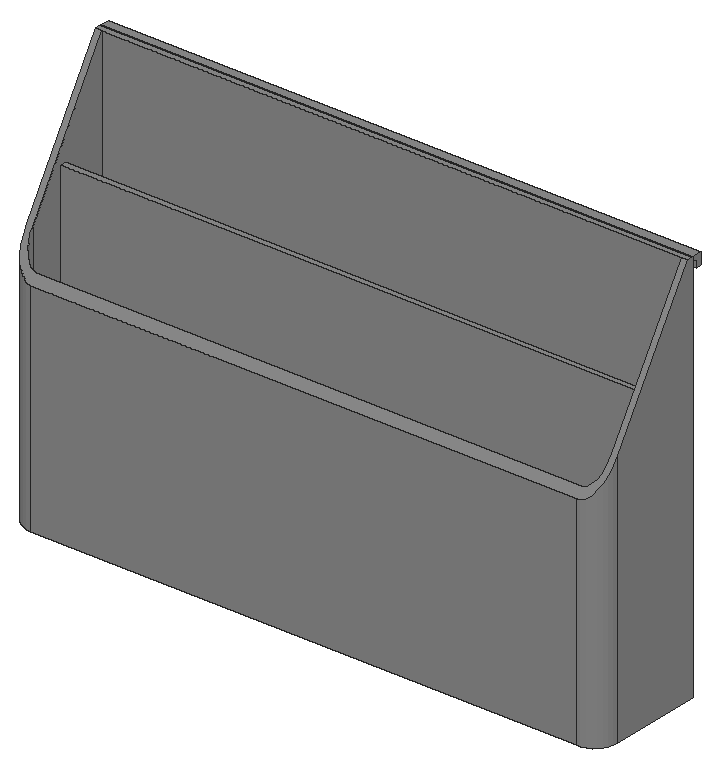
Revit family "Haworth_Belong_Tool_HangingSorter", category Furniture Systems, Revit 2018
Family settings
  Round Connector Dimension = Use Diameter
  Part Type = Normal
  OmniClass Number = 23.40.70.14.64.21
  OmniClass Title = Systems Furniture
  Work Plane-Based = No
  Always vertical = Yes
  Cut with Voids When Loaded = No
  Shared = No
  Room Calculation Point = No
Parameters (values of type "Sorter")
  Warranty = "http://www.haworth.com/resources/product-info/warranties"
  URL = "www.haworth.com"
  Sustainability Info = "https://www.haworth.com/na/en/expertise/sustainability.html"
  Size = "Verify Final Dim. w/ Haworth"  # constant formula
  Shelf Finish = Haworth _ Paint _ Graphite
  Revision Number = "2"  # constant formula
  Product Page URL = "http://www.haworth.com/products/accessories/work-tools/belong"
  Model = "Haworth_Belong-Tool_Hanging-Sorter"  # constant formula
  Manufacturer = "Haworth"  # constant formula
  Description = "Haworth_Belong-Tool_Hanging-Sorter"
  Author = "Haworth (Hampton)"  # constant formula
  Assembly Code = "E2020200"
  Actual Width = 12 3/4"  # constant formula
  Actual Height = 8 1/2"  # constant formula
  Actual Depth = 2 1/2"  # constant formula
Reference planes (in)
  plane 1 "Back": y = 0
  plane 2: z = 0
  plane 3 "Center L/R": x = 6.5
  plane 4 "Bottom": z = 0
  plane 5 "Top": z = 8.5
  plane 6 "Left": x = 0.125
  plane 7 "Right": x = 12.875
  plane 8 "Front": y = -2.5
  plane 9 "Inside Bottom": z = 0.125
  plane 10 "Inside Right": x = 12.75
  plane 11 "Inside Left": x = 0.25
  plane 12 "Center F/B": y = -1.25
  plane 13 "Shelf Lip": z = 8.40625
  plane 14 "Inside Back": y = -0.125
  plane 15 "Lip Bottom": z = 8.25
  plane 16 "Lip Middle": y = 0.125
  plane 17 "Lip Back": y = 0.21875
  plane 18 "Inside Front": y = -2.375
  plane 19 "Back Cup": y = -0.125
  plane 20 "Void Bottom": z = 4.75
Forms (in)
  Extrusion 1, solid, material "Haworth _ Paint _ Graphite" <- "Shelf Finish"
    sketch origin (6.5, 0, -50) x (0, 1, 0) y (0, 0, 1)
      loop
        line (0, 58.40625) -> (0.125, 58.40625) -> (0.125, 58.25) -> (0.21875, 58.25) -> (0.21875, 58.5) -> (0, 58.5) -> (0, 58.40625)
    from -6.375 to 6.375
  Extrusion 2, solid, material "Haworth _ Paint _ Graphite" <- "Shelf Finish"
    sketch origin (0, 0, 0) x (1, 0, 0) y (0, 1, 0)
      loop
        line (0.125, 0) -> (0.125, -0.125) -> (12.875, -0.125) -> (12.875, 0) -> (0.125, 0)
    from 0 to 8.5
  Extrusion 3, solid, material "Haworth _ Paint _ Graphite" <- "Shelf Finish"
    sketch origin (0, 0, 0) x (1, 0, 0) y (0, 1, 0)
      loop
        line (0.25, -0.125) -> (0.125, -0.125) -> (0.125, -2)
        arc (0.125, -2) -> (0.27145, -2.35355) -> (0.625, -2.5) r 0.5
        line (0.625, -2.5) -> (12.375, -2.5)
        arc (12.375, -2.5) -> (12.72855, -2.35355) -> (12.875, -2) r 0.5
        line (12.875, -2) -> (12.875, -0.125) -> (12.75, -0.125) -> (12.75, -2)
        arc (12.75, -2) -> (12.64017, -2.26517) -> (12.375, -2.375) r 0.375
        line (12.375, -2.375) -> (0.625, -2.375)
        arc (0.625, -2.375) -> (0.35983, -2.26517) -> (0.25, -2) r 0.375
        line (0.25, -2) -> (0.25, -0.125)
    from 0 to 8.5
  Extrusion 4, solid, material "Haworth _ Paint _ Graphite" <- "Shelf Finish"
    sketch origin (0, 0, 0) x (1, 0, 0) y (0, 1, 0)
      loop
        line (0.25, -0.125) -> (0.25, -2)
        arc (0.25, -2) -> (0.35983, -2.26517) -> (0.625, -2.375) r 0.375
        line (0.625, -2.375) -> (12.375, -2.375)
        arc (12.375, -2.375) -> (12.64017, -2.26517) -> (12.75, -2) r 0.375
        line (12.75, -2) -> (12.75, -0.125) -> (0.25, -0.125)
    from 0 to 0.125
  Extrusion 5, void
    sketch origin (12.875, 0, 0) x (0, 0, 1) y (0, -1, 0)
      loop
        line (8.5, 0.125) -> (8.91359, 0.125) -> (8.91359, 2.71306) -> (4.41359, 2.71306) -> (8.5, 0.125)
    from -12.75 to 0
  Extrusion 6, solid, material "Haworth _ Paint _ Graphite" <- "Shelf Finish"
    sketch origin (12.875, 0, 0) x (0, 0, 1) y (0, -1, 0)
      loop
        line (6.40003, 1.25) -> (0.125, 1.25) -> (0.125, 1.12849) -> (6.40003, 1.12849) -> (6.40003, 1.25)
    from -12.625 to -0.125
Cuts and joins
  Extrusion 5 cuts Extrusion 2
  Extrusion 5 cuts Extrusion 3
  Extrusion 5 cuts Extrusion 4
  joined: Extrusion 2, Extrusion 3, Extrusion 4
Lines and regions (in)
  Masking region 1
    outline origin (0, 0, 0) x (1, 0, 0) y (0, 1, 0)
      loop
        line (0.125, 0) -> (0.125, -2)
        arc (0.125, -2) -> (0.27145, -2.35355) -> (0.625, -2.5) r 0.5
        line (0.625, -2.5) -> (12.375, -2.5)
        arc (12.375, -2.5) -> (12.72855, -2.35355) -> (12.875, -2) r 0.5
        line (12.875, -2) -> (12.875, 0) -> (0.125, 0)
Dimensions and locks (in)
  "Actual Height": plane 5 "Top" to plane 4 "Bottom"
  equal spacing: plane 7 "Right", plane 3 "Center L/R", plane 6 "Left"
  "Actual Width": plane 7 "Right" to plane 6 "Left"
  "Actual Depth": plane 8 "Front" to plane 1 "Back"
  plane 11 "Inside Left" to plane 6 "Left" = 1/8"
  plane 7 "Right" to plane 10 "Inside Right" = 1/8"
  equal spacing: plane 8 "Front", plane 12 "Center F/B", plane 1 "Back"
  plane 14 "Inside Back" to plane 1 "Back" = 1/8"
  plane 1 "Back" to plane 16 "Lip Middle" = 1/8"
  plane 16 "Lip Middle" to plane 17 "Lip Back" = 3/32"
  locked: plane 5 "Top" to plane 13 "Shelf Lip" at 0.09375
  locked: plane 13 "Shelf Lip" to plane 15 "Lip Bottom" at 0.15625
  plane 18 "Inside Front" to plane 8 "Front" = 1/8"
  plane 19 "Back Cup" to plane 1 "Back" = 1/8"
  aligned and locked: Extrusion 1 to plane 6 "Left"
  aligned and locked: plane 7 "Right" to Extrusion 1
  aligned and locked: plane 6 "Left" to Extrusion 2 sketch curve
  aligned and locked: Extrusion 2 sketch curve to plane 7 "Right"
  aligned and locked: Extrusion 2 sketch curve to plane 19 "Back Cup"
  aligned and locked: plane 1 "Back" to Extrusion 2 sketch curve
  aligned and locked: Extrusion 3 to level
  aligned and locked: plane 5 "Top" to Extrusion 3
  aligned and locked: Extrusion 2 to level
  aligned and locked: plane 5 "Top" to Extrusion 2
  aligned and locked: plane 9 "Inside Bottom" to Extrusion 4
  aligned and locked: Extrusion 4 to level
  aligned and locked: Extrusion 5 to plane 6 "Left"
  aligned and locked: plane 7 "Right" to Extrusion 5
  aligned and locked: Extrusion 6 to plane 11 "Inside Left"
  aligned and locked: plane 10 "Inside Right" to Extrusion 6
Automatic sketch dimensions
  Extrusion 1 sketch curve to plane 1 "Back" = 0"
  Extrusion 1 sketch curve to plane 13 "Shelf Lip" = 0"
  Extrusion 1 sketch curve to plane 16 "Lip Middle" = 0"
  Extrusion 1 sketch curve to plane 5 "Top" = 0"
  Extrusion 1 sketch curve to plane 17 "Lip Back" = 0"
  Extrusion 1 sketch curve to plane 15 "Lip Bottom" = 0"
  Masking region 1 sketch curve to plane 6 "Left" = 0"
  Masking region 1 sketch curve to plane 8 "Front" = 0"
  plane 1 "Back" to Masking region 1 sketch curve = 0"
  Masking region 1 sketch curve to plane 7 "Right" = 0"
  plane 11 "Inside Left" to Masking region 1 sketch curve = 3/8"
  Masking region 1 sketch curve to plane 10 "Inside Right" = 3/8"
  Extrusion 3 sketch curve to Extrusion 3 sketch curve = 0"  (x3)
  Extrusion 3 sketch curve to plane 6 "Left" = 0"
  Extrusion 3 sketch curve to plane 11 "Inside Left" = 0"
  Extrusion 3 sketch curve to plane 18 "Inside Front" = 0"
  Extrusion 3 sketch curve to plane 8 "Front" = 0"
  Extrusion 3 sketch curve to plane 10 "Inside Right" = 0"
  plane 14 "Inside Back" to Extrusion 3 sketch curve = 0"  (x2)
  plane 11 "Inside Left" to Extrusion 3 sketch curve = 3/8"
  Extrusion 3 sketch curve to plane 10 "Inside Right" = 3/8"
  Extrusion 4 sketch curve to plane 11 "Inside Left" = 0"
  plane 14 "Inside Back" to Extrusion 4 sketch curve = 0"
  plane 18 "Inside Front" to Extrusion 4 sketch curve = 3/8"
  Extrusion 4 sketch curve to plane 18 "Inside Front" = 0"
  Extrusion 4 sketch curve to plane 10 "Inside Right" = 3/8"
  Extrusion 4 sketch curve to plane 10 "Inside Right" = 0"
  Extrusion 5 sketch curve to plane 5 "Top" = 0"
  Extrusion 5 sketch curve to plane 14 "Inside Back" = 0"
  Extrusion 5 sketch curve to plane 20 "Void Bottom" = 0.33641"
  plane 5 "Top" to Extrusion 5 sketch curve = 0.41359"
  Extrusion 5 sketch curve to plane 8 "Front" = 0.21306"
  Extrusion 6 sketch curve to plane 9 "Inside Bottom" = 0"
  Extrusion 6 sketch curve to plane 12 "Center F/B" = 0"
  plane 20 "Void Bottom" to Extrusion 6 sketch curve = 1.65003"
  plane 12 "Center F/B" to Extrusion 6 sketch curve = 0.12151"
